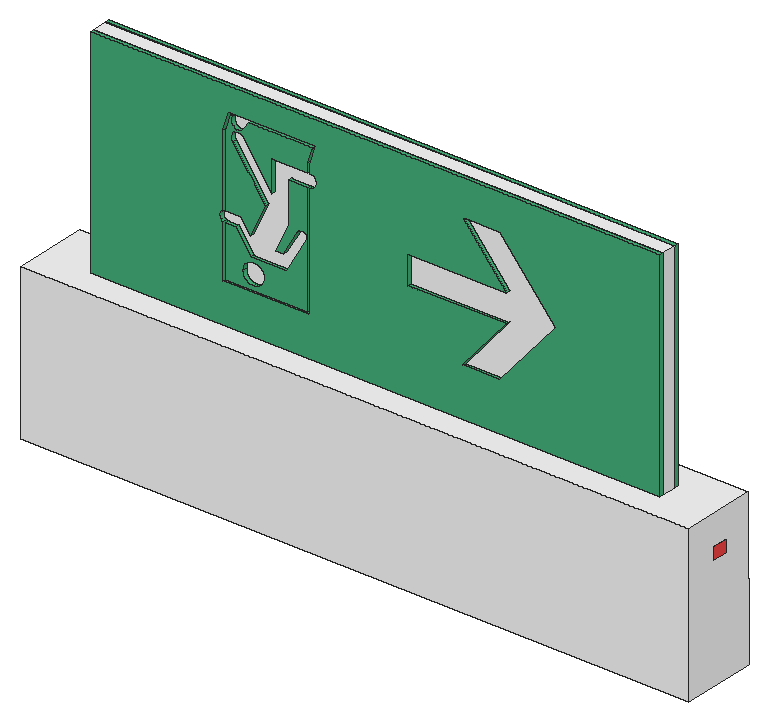
Revit family "BFX-DIR-DSD-ME-Ceiling", category Lighting Fixtures, host Face, Revit 2018
Family settings
  Host = Face
  Round Connector Dimension = Use Diameter
  Part Type = Normal
  OmniClass Number = 23.35.47.15
  OmniClass Title = Exit Illuminated Signs
  Cut with Voids When Loaded = No
  Light Source = No
  Shared = No
  Room Calculation Point = No
Parameters (values of type "540Lx125Wx60H (Left)")
  Up = no
  Top Material = PL_White_255-255-255
  Right = no
  Load Classification = Lighting
  Left = yes
  Indication lamp = PL_Red_255-000-000
  Height = 125 mm
  Down = no
  Double Side [instance] = yes
  Description = ""
  Depth = 60 mm
  Default Elevation = 1219.2 mm
  DSD.Com.Material = ""
  DSD.Com.Installed Date [instance] = ""
  DSD.Com.Commission Date [instance] = ""
  DSD.Com.CAT Code = ""
  DSD.Com.Asset Code [instance] = ""
  DSD.BFX.Wireless_Optical Zone Tag ID [instance] = ""
  DSD.BFX.Wireless_Optical Tag ID [instance] = ""
  DSD.BFX.Width = 0 mm
  DSD.BFX.Weight = ""
  DSD.BFX.Usage Unit = ""
  DSD.BFX.Unit Number [instance] = ""
  DSD.BFX.System Code [instance] = ""
  DSD.BFX.Supplier Name = ""
  DSD.BFX.Supplier Contact = ""
  DSD.BFX.Site ID = ""
  DSD.BFX.Serial Number [instance] = ""
  DSD.BFX.Remark [instance] = ""
  DSD.BFX.Priority = ""
  DSD.BFX.Place of Origin = ""
  DSD.BFX.Original Price Amount Currency = ""
  DSD.BFX.Original Price Amount [instance] = ""
  DSD.BFX.Model = ""
  DSD.BFX.Manufacturer Name = ""
  DSD.BFX.Manufacturer Contact = ""
  DSD.BFX.Manufactured Date [instance] = ""
  DSD.BFX.Maintenance Usage Threshold = ""
  DSD.BFX.Length = 0 mm
  DSD.BFX.Is Parent Entity = ""
  DSD.BFX.Height = 0 mm
  DSD.BFX.File Number [instance] = ""
  DSD.BFX.Expected Life Time = ""
  DSD.BFX.Equipment Type = ""
  DSD.BFX.Equipment Number [instance] = ""
  DSD.BFX.Equipment Name English = ""
  DSD.BFX.Equipment Name Chinese = ""
  DSD.BFX.Elevation Type = ""
  DSD.BFX.Elevation [instance] = ""
  DSD.BFX.District Code = ""
  DSD.BFX.DLP End Date [instance] = ""
  DSD.BFX.Criticality = ""
  DSD.BFX.Brand Name = ""
  DSD.BFX.Address = ""
  Apparent Load = 3.0 W
  2D Symbol_DI_Visible [instance] = yes
  2D Symbol_DI_Scale [instance] = DI_BFX_DIR : 1to50
  2D Symbol_DI_Offset Y [instance] = 50 mm
  2D Symbol_DI_Offset X [instance] = 0 mm
  2D Symbol_DI_Angle [instance] = 90.00°
  2D Symbol_Anno_Visible [instance] = yes
  2D Symbol_Anno_Offset Y [instance] = 0 mm
  2D Symbol_Anno_Offset X [instance] = 0 mm
  2D Symbol_Anno_Angle [instance] = 90.00°
  Length = 540 mm
  294 EXIT SIGN DIRECTION_2 = 294 EXIT SIGN DIRECTION_2 : 460x175x12mm
Reference planes
  plane 1 "Center (Front/Back)": y = 0
  plane 2: z = 0
  plane 3 "Center (Left/Right)": x = 0
  plane 4: y = 40
  plane 5: x = 5
  plane 6: y = 459.586
  plane 7: x = 1841.388
  plane 8: x = -270
  plane 9: x = 270
  plane 10: z = 125
  plane 11: y = 60
Forms (mm)
  Extrusion 1, solid, material "PL_White_255-255-255" <- "Top Material", detail levels fine
    sketch origin (0, 0, 0) x (1, 0, 0) y (0, 0, 1)
      loop
        line (-270, 125) -> (-270, 0) -> (270, 0) -> (270, 125) -> (-270, 125)
    from -60 to 0
  Extrusion 2, solid, material "PL_Red_255-000-000" <- "Indication lamp", detail levels fine
    sketch origin (-0.8, 0.8, -3) x (1, 0, 0) y (0, 1, 0)
      loop
        line (270.8, 35.2) -> (270.8, 23.2) -> (271.8, 23.2) -> (271.8, 35.2) -> (270.8, 35.2)
    from 104.7 to 95
Dimensions and locks
  "Length": plane 8 to plane 9
  "Depth": plane 11 to plane 1 "Center (Front/Back)"
  equal spacing: plane 8, plane 3 "Center (Left/Right)", plane 9
  locked: Extrusion 2 to plane 10 at 23.3
  locked: Extrusion 2 to plane 11 at 24
  "Height": plane 10 to plane 2
  nested 1 to plane 5 = 5 mm
  "2D Symbol_Anno_Angle": angle plane 1 "Center (Front/Back)" to nested 2
  "2D Symbol_DI_Angle": angle nested 3 to plane 2
  aligned and locked: plane 2 to host face
  aligned and locked: level to host face
  aligned and locked: level to Extrusion 1 sketch curve
  aligned and locked: Extrusion 1 sketch curve to plane 9
  aligned and locked: plane 11 to Extrusion 1
  aligned and locked: plane 1 "Center (Front/Back)" to Extrusion 1
  aligned and locked: plane 8 to Extrusion 1
  aligned and locked: nested 1 to plane 10
Automatic sketch dimensions
  host sketch curve to host sketch curve = 2438.4 mm  (x2)
  plane 8 to Extrusion 1 sketch curve = 0 mm
  Extrusion 2 sketch curve to plane 9 = 0 mm
  Extrusion 2 sketch curve to plane 4 = 16 mm
  Extrusion 2 sketch curve to plane 4 = 4 mm
  Extrusion 2 sketch curve to plane 9 = 1 mm
  Extrusion 1 sketch curve to plane 10 = 0 mm
Nested families
  nested 1: "294 EXIT SIGN DIRECTION_2" at (0, 24, 125), Double Side <- "Double Side", Left <- "Left", Down <- "Down", Right <- "Right", Up <- "Up", type <- "294 EXIT SIGN DIRECTION_2", type "460x175x12mm", detail levels fine
    with Up no, Right no, Left yes, Exit_460mm no, Exit _560mm no, Down no, Double Side_Up no, Double Side_Left yes, Double Side_Exit 560mm no, Double Side_Exit 460mm no, Double Side_Down no, Double Side _Right no, Double Side yes
  nested 2: "Anno_BFX_DIR" at (0, 0, 0), Offset  X <- "2D Symbol_Anno_Offset X", Offset Y <- "2D Symbol_Anno_Offset Y", visible <- "2D Symbol_Anno_Visible", type "BFX_DIR", detail levels coarse+medium
    with Offset Y 0 mm, Offset  X 0 mm, Annotation W 200 mm, Annotation H 200 mm
  nested 3: "DI_BFX_DIR" at (7.887, 0, 75.387) x (1, 0, 0) z (0, -1, 0), type <- "2D Symbol_DI_Scale", visible <- "2D Symbol_DI_Visible", Offset X <- "2D Symbol_DI_Offset X", Offset Y <- "2D Symbol_DI_Offset Y", type "1to50", detail levels coarse+medium
    with Offset Y 50 mm, Offset X 0 mm, Detail Item W 10000 mm, Detail Item H 10050 mm
Connectors
  electrical at (270, 30, 62.5)
    settings: on Extrusion 1, index 1, voltage 220 V, apparent load 0.0 W, apparent load phase1 0.0 W, apparent load phase2 0.0 W, apparent load phase3 0.0 W, power factor 1, load classification "Other", number of poles 1, system type 31, power factor state 1, is connector primary yes, connector utility no, sub classification motor no, connector description ""
Definition of nested family "294 EXIT SIGN DIRECTION_2"
  Parameters (values of type "560x180x12mm")
    White Board = none
    Up [instance] = no
    Right [instance] = no
    Panel Material = none
    Length = 560 mm
    Left [instance] = no
    Height = 180 mm
    Exit_460mm [instance] = no
    Exit _560mm [instance] = yes
    Down [instance] = no
    Double Side_Up [instance] = and(Double Side, Up)  # no
    Double Side_Left [instance] = and(Double Side, Left)  # no
    Double Side_Exit 560mm [instance] = and(Double Side, Exit _560mm)  # yes
    Double Side_Exit 460mm [instance] = and(Double Side, Exit_460mm)  # no
    Double Side_Down [instance] = and(Double Side, Down)  # no
    Double Side _Right [instance] = and(Double Side, Right)  # no
    Double Side [instance] = yes
    Depth = 12 mm
  Types (2, lengths in mm): name | Length | Height
    460x175x12mm | 460 | 175
    560x180x12mm | 560 | 180
  Reference planes
    plane 1 "Center (Front/Back)": y = 0
    plane 2: z = 0
    plane 3 "Center (Left/Right)": x = 0
    plane 4: x = -280
    plane 5: x = 280
    plane 6: z = 180
    plane 7: y = 12
    plane 8: z = 16.319
    plane 9: y = 15.2
    plane 10: z = 165
    plane 11: x = -220
    plane 12: z = 9.941
    plane 13: x = 220
    plane 14: x = -122.712
    plane 15: x = -52.734
    plane 16: x = 145.621
    plane 17: x = 25.979
    plane 18: y = 16.827
    plane 19: z = 148.012
    plane 20: z = 147.844
  Forms (mm)
    Extrusion 1, solid, material <- "White Board"
      sketch origin (0, 0, 0) x (1, 0, 0) y (0, 1, 0)
        loop
          line (-280, 12) -> (-280, 0) -> (280, 0) -> (280, 12) -> (-280, 12)
      from 0 to 180
    Extrusion 2, solid, material <- "Panel Material", visible <- "Right"
      sketch origin (-251.974, 0, 246.636) x (-1, 0, 0) y (0, 0, -1)
        loop
          line (-531.974, 66.636) -> (28.026, 66.636) -> (28.026, 246.636) -> (-531.974, 246.636) -> (-531.974, 66.636)
        loop
          line (-197.44, 212.848) -> (-197.44, 124.351)
          arc (-197.44, 124.351) -> (-204.28, 117.511) -> (-197.44, 110.671) r 6.84
          line (-197.44, 110.671) -> (-197.44, 105.39) -> (-201.336, 92.646) -> (-150.224, 92.646) -> (-145.886, 98.84)
          arc (-145.886, 98.84) -> (-138.366, 100.166) -> (-137.039, 92.646) r 5.4
          line (-137.039, 92.646) -> (-134.958, 92.646) -> (-131.062, 105.39) -> (-131.062, 163.068) -> (-143.751, 163.068) -> (-151.351, 173.922) -> (-163.224, 148.462) -> (-137.039, 111.067)
          arc (-137.039, 111.067) -> (-138.366, 103.547) -> (-145.886, 104.873) r 5.4
          line (-145.886, 104.873) -> (-168.6, 137.311) -> (-168.6, 112.111) -> (-197.44, 112.111)
          arc (-197.44, 112.111) -> (-202.84, 117.511) -> (-197.44, 122.911) r 5.4
          line (-197.44, 122.911) -> (-182.1, 122.911) -> (-182.1, 155.69) -> (-171.784, 177.813) -> (-178.202, 177.813) -> (-189.869, 157.606)
          arc (-189.869, 157.606) -> (-195.037, 156.221) -> (-196.422, 161.389) r 3.783
          line (-196.422, 161.389) -> (-180.222, 189.448) -> (-151.382, 189.448) -> (-138.992, 171.755) -> (-131.062, 171.755) -> (-131.062, 212.848) -> (-197.44, 212.848)
        loop
          circle (-154.051, 200.964) r 8.64
        loop
          arc (-199.24, 125.962) -> (-206.08, 117.511) -> (-199.24, 109.061) r 8.64
          line (-199.24, 109.061) -> (-199.24, 105.659) -> (-203.769, 90.846) -> (-135.699, 90.846) -> (-133.626, 90.846) -> (-129.262, 105.121) -> (-129.262, 163.459)
          arc (-129.262, 163.459) -> (-126.719, 167.411) -> (-129.262, 171.364) r 4.343
          line (-129.262, 171.364) -> (-129.262, 214.648) -> (-199.24, 214.648) -> (-199.24, 125.962)
        loop
          line (-397.247, 165.479) -> (-397.247, 142.498) -> (-317.247, 142.498) -> (-352.6, 100.365) -> (-322.6, 100.365) -> (-277.605, 153.988) -> (-322.6, 207.611) -> (-352.6, 207.611) -> (-317.247, 165.479) -> (-397.247, 165.479)
      from 0 to 3.2
    Extrusion 3, solid, material <- "Panel Material", visible <- "Left"
      sketch origin (251.974, 0, 246.636) x (1, 0, 0) y (0, 0, 1)
        loop
          line (28.026, -66.636) -> (-531.974, -66.636) -> (-531.974, -246.636) -> (28.026, -246.636) -> (28.026, -66.636)
        loop
          line (-306.509, -212.848) -> (-306.509, -122.911) -> (-321.849, -122.911) -> (-321.849, -155.69) -> (-332.165, -177.813) -> (-325.747, -177.813) -> (-314.08, -157.606)
          arc (-314.08, -157.606) -> (-308.912, -156.221) -> (-307.527, -161.389) r 3.783
          line (-307.527, -161.389) -> (-323.727, -189.448) -> (-352.567, -189.448) -> (-364.957, -171.755) -> (-372.887, -171.755) -> (-372.887, -212.848) -> (-306.509, -212.848)
        loop
          circle (-349.898, -200.964) r 8.64
        loop
          line (-306.509, -112.111) -> (-306.509, -105.39) -> (-302.612, -92.646) -> (-353.725, -92.646) -> (-358.063, -98.84)
          arc (-358.063, -98.84) -> (-365.583, -100.166) -> (-366.909, -92.646) r 5.4
          line (-366.909, -92.646) -> (-368.991, -92.646) -> (-372.887, -105.39) -> (-372.887, -163.068) -> (-360.198, -163.068) -> (-352.598, -173.922) -> (-340.725, -148.462) -> (-366.909, -111.067)
          arc (-366.909, -111.067) -> (-365.583, -103.547) -> (-358.063, -104.873) r 5.4
          line (-358.063, -104.873) -> (-335.349, -137.311) -> (-335.349, -112.111) -> (-306.509, -112.111)
        loop
          arc (-304.709, -122.911) -> (-299.309, -117.511) -> (-304.709, -112.111) r 5.4
          line (-304.709, -112.111) -> (-304.709, -105.659) -> (-300.18, -90.846) -> (-370.322, -90.846) -> (-374.687, -105.121) -> (-374.687, -163.459)
          arc (-374.687, -163.459) -> (-377.23, -167.411) -> (-374.687, -171.364) r 4.343
          line (-374.687, -171.364) -> (-374.687, -214.648) -> (-304.709, -214.648) -> (-304.709, -122.911)
        loop
          line (-106.353, -153.988) -> (-151.349, -100.365) -> (-181.349, -100.365) -> (-145.995, -142.498) -> (-225.995, -142.498) -> (-225.995, -165.479) -> (-145.995, -165.479) -> (-181.349, -207.611) -> (-151.349, -207.611) -> (-106.353, -153.988)
      from 0 to 3.2
    Extrusion 4, solid, visible <- "Up"
      sketch origin (251.974, 0, 246.636) x (1, 0, 0) y (0, 0, 1)
        loop
          line (28.026, -66.636) -> (-531.974, -66.636) -> (-531.974, -246.636) -> (28.026, -246.636) -> (28.026, -66.636)
        loop
          line (-306.509, -212.848) -> (-306.509, -124.351)
          arc (-306.509, -124.351) -> (-299.669, -117.511) -> (-306.509, -110.671) r 6.84
          line (-306.509, -110.671) -> (-306.509, -105.39) -> (-302.612, -92.646) -> (-353.725, -92.646) -> (-358.063, -98.84)
          arc (-358.063, -98.84) -> (-365.583, -100.166) -> (-366.909, -92.646) r 5.4
          line (-366.909, -92.646) -> (-368.991, -92.646) -> (-372.887, -105.39) -> (-372.887, -163.068) -> (-360.198, -163.068) -> (-352.598, -173.922) -> (-340.725, -148.462) -> (-366.909, -111.067)
          arc (-366.909, -111.067) -> (-365.583, -103.547) -> (-358.063, -104.873) r 5.4
          line (-358.063, -104.873) -> (-335.349, -137.311) -> (-335.349, -112.111) -> (-306.509, -112.111)
          arc (-306.509, -112.111) -> (-301.109, -117.511) -> (-306.509, -122.911) r 5.4
          line (-306.509, -122.911) -> (-321.849, -122.911) -> (-321.849, -155.69) -> (-332.165, -177.813) -> (-325.747, -177.813) -> (-314.08, -157.606)
          arc (-314.08, -157.606) -> (-308.912, -156.221) -> (-307.527, -161.389) r 3.783
          line (-307.527, -161.389) -> (-323.727, -189.448) -> (-352.567, -189.448) -> (-364.957, -171.755) -> (-372.887, -171.755) -> (-372.887, -212.848) -> (-306.509, -212.848)
        loop
          circle (-349.898, -200.964) r 8.64
        loop
          line (-304.709, -214.648) -> (-304.709, -125.962)
          arc (-304.709, -125.962) -> (-297.869, -117.511) -> (-304.709, -109.061) r 8.64
          line (-304.709, -109.061) -> (-304.709, -105.659) -> (-300.18, -90.846) -> (-368.095, -90.846) -> (-370.322, -90.846) -> (-374.687, -105.121) -> (-374.687, -163.459)
          arc (-374.687, -163.459) -> (-377.23, -167.411) -> (-374.687, -171.364) r 4.343
          line (-374.687, -171.364) -> (-374.687, -214.648) -> (-304.709, -214.648)
        loop
          line (-166.174, -213.809) -> (-112.551, -168.814) -> (-112.551, -138.814) -> (-154.684, -174.167) -> (-154.684, -94.167) -> (-177.665, -94.167) -> (-177.665, -174.167) -> (-219.798, -138.814) -> (-219.798, -168.814) -> (-166.174, -213.809)
      from 0 to 3.2
    Extrusion 5, solid, material <- "Panel Material", visible <- "Down"
      sketch origin (251.974, 0, 246.636) x (1, 0, 0) y (0, 0, 1)
        loop
          line (28.026, -66.636) -> (-531.974, -66.636) -> (-531.974, -246.636) -> (28.026, -246.636) -> (28.026, -66.636)
        loop
          line (-177.665, -213.809) -> (-154.684, -213.809) -> (-154.684, -133.809) -> (-112.551, -169.163) -> (-112.551, -139.163) -> (-166.174, -94.167) -> (-219.798, -139.163) -> (-219.798, -169.163) -> (-177.665, -133.809) -> (-177.665, -213.809)
        loop
          line (-306.509, -212.848) -> (-306.509, -124.351)
          arc (-306.509, -124.351) -> (-299.669, -117.511) -> (-306.509, -110.671) r 6.84
          line (-306.509, -110.671) -> (-306.509, -105.39) -> (-302.612, -92.646) -> (-353.725, -92.646) -> (-358.063, -98.84)
          arc (-358.063, -98.84) -> (-365.583, -100.166) -> (-366.909, -92.646) r 5.4
          line (-366.909, -92.646) -> (-368.991, -92.646) -> (-372.887, -105.39) -> (-372.887, -163.068) -> (-360.198, -163.068) -> (-352.598, -173.922) -> (-340.725, -148.462) -> (-366.909, -111.067)
          arc (-366.909, -111.067) -> (-365.583, -103.547) -> (-358.063, -104.873) r 5.4
          line (-358.063, -104.873) -> (-335.349, -137.311) -> (-335.349, -112.111) -> (-306.509, -112.111)
          arc (-306.509, -112.111) -> (-301.109, -117.511) -> (-306.509, -122.911) r 5.4
          line (-306.509, -122.911) -> (-321.849, -122.911) -> (-321.849, -155.69) -> (-332.165, -177.813) -> (-325.747, -177.813) -> (-314.08, -157.606)
          arc (-314.08, -157.606) -> (-308.912, -156.221) -> (-307.527, -161.389) r 3.783
          line (-307.527, -161.389) -> (-323.727, -189.448) -> (-352.567, -189.448) -> (-364.957, -171.755) -> (-372.887, -171.755) -> (-372.887, -212.848) -> (-306.509, -212.848)
        loop
          circle (-349.898, -200.964) r 8.64
        loop
          line (-304.709, -214.648) -> (-304.709, -125.962)
          arc (-304.709, -125.962) -> (-297.869, -117.511) -> (-304.709, -109.061) r 8.64
          line (-304.709, -109.061) -> (-304.709, -105.659) -> (-300.18, -90.846) -> (-366.851, -90.846) -> (-370.322, -90.846) -> (-374.687, -105.121) -> (-374.687, -163.459)
          arc (-374.687, -163.459) -> (-377.23, -167.411) -> (-374.687, -171.364) r 4.343
          line (-374.687, -171.364) -> (-374.687, -214.648) -> (-304.709, -214.648)
      from 0 to 3.2
    Extrusion 6, solid, material <- "Panel Material", visible <- "Right"
      sketch origin (-251.974, 12, 246.636) x (-1, 0, 0) y (0, 0, 1)
        loop
          line (-531.974, -66.636) -> (-531.974, -246.636) -> (28.026, -246.636) -> (28.026, -66.636) -> (-531.974, -66.636)
        loop
          line (-197.44, -212.848) -> (-131.062, -212.848) -> (-131.062, -171.755) -> (-138.992, -171.755) -> (-151.382, -189.448) -> (-180.222, -189.448) -> (-196.422, -161.389)
          arc (-196.422, -161.389) -> (-195.037, -156.221) -> (-189.869, -157.606) r 3.783
          line (-189.869, -157.606) -> (-178.202, -177.813) -> (-171.784, -177.813) -> (-182.1, -155.69) -> (-182.1, -122.911) -> (-197.44, -122.911)
          arc (-197.44, -122.911) -> (-202.84, -117.511) -> (-197.44, -112.111) r 5.4
          line (-197.44, -112.111) -> (-168.6, -112.111) -> (-168.6, -137.311) -> (-145.886, -104.873)
          arc (-145.886, -104.873) -> (-138.366, -103.547) -> (-137.039, -111.067) r 5.4
          line (-137.039, -111.067) -> (-163.224, -148.462) -> (-151.351, -173.922) -> (-143.751, -163.068) -> (-131.062, -163.068) -> (-131.062, -105.39) -> (-134.958, -92.646) -> (-137.039, -92.646)
          arc (-137.039, -92.646) -> (-138.366, -100.166) -> (-145.886, -98.84) r 5.4
          line (-145.886, -98.84) -> (-150.224, -92.646) -> (-201.336, -92.646) -> (-197.44, -105.39) -> (-197.44, -110.671)
          arc (-197.44, -110.671) -> (-204.28, -117.511) -> (-197.44, -124.351) r 6.84
          line (-197.44, -124.351) -> (-197.44, -212.848)
        loop
          circle (-154.051, -200.964) r 8.64
        loop
          line (-199.24, -125.962) -> (-199.24, -214.648) -> (-129.262, -214.648) -> (-129.262, -171.364)
          arc (-129.262, -171.364) -> (-126.719, -167.411) -> (-129.262, -163.459) r 4.343
          line (-129.262, -163.459) -> (-129.262, -105.121) -> (-133.626, -90.846) -> (-135.699, -90.846) -> (-203.769, -90.846) -> (-199.24, -105.659) -> (-199.24, -109.061)
          arc (-199.24, -109.061) -> (-206.08, -117.511) -> (-199.24, -125.962) r 8.64
        loop
          line (-397.247, -165.479) -> (-317.247, -165.479) -> (-352.6, -207.611) -> (-322.6, -207.611) -> (-277.605, -153.988) -> (-322.6, -100.365) -> (-352.6, -100.365) -> (-317.247, -142.498) -> (-397.247, -142.498) -> (-397.247, -165.479)
      from 0 to 3.2
    Extrusion 7, solid, material <- "Panel Material", visible <- "Left"
      sketch origin (251.974, 12, 246.636) x (1, 0, 0) y (0, 0, -1)
        loop
          line (28.026, 66.636) -> (28.026, 246.636) -> (-531.974, 246.636) -> (-531.974, 66.636) -> (28.026, 66.636)
        loop
          line (-306.509, 212.848) -> (-372.887, 212.848) -> (-372.887, 171.755) -> (-364.957, 171.755) -> (-352.567, 189.448) -> (-323.727, 189.448) -> (-307.527, 161.389)
          arc (-307.527, 161.389) -> (-308.912, 156.221) -> (-314.08, 157.606) r 3.783
          line (-314.08, 157.606) -> (-325.747, 177.813) -> (-332.165, 177.813) -> (-321.849, 155.69) -> (-321.849, 122.911) -> (-306.509, 122.911) -> (-306.509, 212.848)
        loop
          circle (-349.898, 200.964) r 8.64
        loop
          line (-306.509, 112.111) -> (-335.349, 112.111) -> (-335.349, 137.311) -> (-358.063, 104.873)
          arc (-358.063, 104.873) -> (-365.583, 103.547) -> (-366.909, 111.067) r 5.4
          line (-366.909, 111.067) -> (-340.725, 148.462) -> (-352.598, 173.922) -> (-360.198, 163.068) -> (-372.887, 163.068) -> (-372.887, 105.39) -> (-368.991, 92.646) -> (-366.909, 92.646)
          arc (-366.909, 92.646) -> (-365.583, 100.166) -> (-358.063, 98.84) r 5.4
          line (-358.063, 98.84) -> (-353.725, 92.646) -> (-302.612, 92.646) -> (-306.509, 105.39) -> (-306.509, 112.111)
        loop
          line (-304.709, 122.911) -> (-304.709, 214.648) -> (-374.687, 214.648) -> (-374.687, 171.364)
          arc (-374.687, 171.364) -> (-377.23, 167.411) -> (-374.687, 163.459) r 4.343
          line (-374.687, 163.459) -> (-374.687, 105.121) -> (-370.322, 90.846) -> (-300.18, 90.846) -> (-304.709, 105.659) -> (-304.709, 112.111)
          arc (-304.709, 112.111) -> (-299.309, 117.511) -> (-304.709, 122.911) r 5.4
        loop
          line (-106.353, 153.988) -> (-151.349, 207.611) -> (-181.349, 207.611) -> (-145.995, 165.479) -> (-225.995, 165.479) -> (-225.995, 142.498) -> (-145.995, 142.498) -> (-181.349, 100.365) -> (-151.349, 100.365) -> (-106.353, 153.988)
      from 0 to 3.2
    Extrusion 8, solid, visible <- "Up"
      sketch origin (251.974, 12, 246.636) x (1, 0, 0) y (0, 0, -1)
        loop
          line (28.026, 66.636) -> (28.026, 246.636) -> (-531.974, 246.636) -> (-531.974, 66.636) -> (28.026, 66.636)
        loop
          line (-306.509, 212.848) -> (-372.887, 212.848) -> (-372.887, 171.755) -> (-364.957, 171.755) -> (-352.567, 189.448) -> (-323.727, 189.448) -> (-307.527, 161.389)
          arc (-307.527, 161.389) -> (-308.912, 156.221) -> (-314.08, 157.606) r 3.783
          line (-314.08, 157.606) -> (-325.747, 177.813) -> (-332.165, 177.813) -> (-321.849, 155.69) -> (-321.849, 122.911) -> (-306.509, 122.911)
          arc (-306.509, 122.911) -> (-301.109, 117.511) -> (-306.509, 112.111) r 5.4
          line (-306.509, 112.111) -> (-335.349, 112.111) -> (-335.349, 137.311) -> (-358.063, 104.873)
          arc (-358.063, 104.873) -> (-365.583, 103.547) -> (-366.909, 111.067) r 5.4
          line (-366.909, 111.067) -> (-340.725, 148.462) -> (-352.598, 173.922) -> (-360.198, 163.068) -> (-372.887, 163.068) -> (-372.887, 105.39) -> (-368.991, 92.646) -> (-366.909, 92.646)
          arc (-366.909, 92.646) -> (-365.583, 100.166) -> (-358.063, 98.84) r 5.4
          line (-358.063, 98.84) -> (-353.725, 92.646) -> (-302.612, 92.646) -> (-306.509, 105.39) -> (-306.509, 110.671)
          arc (-306.509, 110.671) -> (-299.669, 117.511) -> (-306.509, 124.351) r 6.84
          line (-306.509, 124.351) -> (-306.509, 212.848)
        loop
          circle (-349.898, 200.964) r 8.64
        loop
          line (-304.709, 214.648) -> (-374.687, 214.648) -> (-374.687, 171.364)
          arc (-374.687, 171.364) -> (-377.23, 167.411) -> (-374.687, 163.459) r 4.343
          line (-374.687, 163.459) -> (-374.687, 105.121) -> (-370.322, 90.846) -> (-368.095, 90.846) -> (-300.18, 90.846) -> (-304.709, 105.659) -> (-304.709, 109.061)
          arc (-304.709, 109.061) -> (-297.869, 117.511) -> (-304.709, 125.962) r 8.64
          line (-304.709, 125.962) -> (-304.709, 214.648)
        loop
          line (-166.174, 213.809) -> (-219.798, 168.814) -> (-219.798, 138.814) -> (-177.665, 174.167) -> (-177.665, 94.167) -> (-154.684, 94.167) -> (-154.684, 174.167) -> (-112.551, 138.814) -> (-112.551, 168.814) -> (-166.174, 213.809)
      from 0 to 3.2
    Extrusion 9, solid, material <- "Panel Material", visible <- "Down"
      sketch origin (251.974, 12, 246.636) x (1, 0, 0) y (0, 0, -1)
        loop
          line (28.026, 66.636) -> (28.026, 246.636) -> (-531.974, 246.636) -> (-531.974, 66.636) -> (28.026, 66.636)
        loop
          line (-177.665, 213.809) -> (-177.665, 133.809) -> (-219.798, 169.163) -> (-219.798, 139.163) -> (-166.174, 94.167) -> (-112.551, 139.163) -> (-112.551, 169.163) -> (-154.684, 133.809) -> (-154.684, 213.809) -> (-177.665, 213.809)
        loop
          line (-306.509, 212.848) -> (-372.887, 212.848) -> (-372.887, 171.755) -> (-364.957, 171.755) -> (-352.567, 189.448) -> (-323.727, 189.448) -> (-307.527, 161.389)
          arc (-307.527, 161.389) -> (-308.912, 156.221) -> (-314.08, 157.606) r 3.783
          line (-314.08, 157.606) -> (-325.747, 177.813) -> (-332.165, 177.813) -> (-321.849, 155.69) -> (-321.849, 122.911) -> (-306.509, 122.911)
          arc (-306.509, 122.911) -> (-301.109, 117.511) -> (-306.509, 112.111) r 5.4
          line (-306.509, 112.111) -> (-335.349, 112.111) -> (-335.349, 137.311) -> (-358.063, 104.873)
          arc (-358.063, 104.873) -> (-365.583, 103.547) -> (-366.909, 111.067) r 5.4
          line (-366.909, 111.067) -> (-340.725, 148.462) -> (-352.598, 173.922) -> (-360.198, 163.068) -> (-372.887, 163.068) -> (-372.887, 105.39) -> (-368.991, 92.646) -> (-366.909, 92.646)
          arc (-366.909, 92.646) -> (-365.583, 100.166) -> (-358.063, 98.84) r 5.4
          line (-358.063, 98.84) -> (-353.725, 92.646) -> (-302.612, 92.646) -> (-306.509, 105.39) -> (-306.509, 110.671)
          arc (-306.509, 110.671) -> (-299.669, 117.511) -> (-306.509, 124.351) r 6.84
          line (-306.509, 124.351) -> (-306.509, 212.848)
        loop
          circle (-349.898, 200.964) r 8.64
        loop
          line (-304.709, 214.648) -> (-374.687, 214.648) -> (-374.687, 171.364)
          arc (-374.687, 171.364) -> (-377.23, 167.411) -> (-374.687, 163.459) r 4.343
          line (-374.687, 163.459) -> (-374.687, 105.121) -> (-370.322, 90.846) -> (-366.851, 90.846) -> (-300.18, 90.846) -> (-304.709, 105.659) -> (-304.709, 109.061)
          arc (-304.709, 109.061) -> (-297.869, 117.511) -> (-304.709, 125.962) r 8.64
          line (-304.709, 125.962) -> (-304.709, 214.648)
      from 0 to 3.2
  Dimensions and locks
    "Length": plane 4 to plane 5
    equal spacing: plane 4, plane 3 "Center (Left/Right)", plane 5
    "Height": plane 6 to plane 2
    "Depth": plane 7 to plane 1 "Center (Front/Back)"
    equal spacing: plane 5, plane 3 "Center (Left/Right)", plane 4
    equal spacing: Extrusion 1, plane 3 "Center (Left/Right)", Extrusion 1
    locked: plane 9 to plane 7 at 3.2
    locked: plane 18 to plane 7 at 4.827
    aligned and locked: level to plane 2
    aligned and locked: Extrusion 1 sketch curve to plane 4
    aligned and locked: Extrusion 1 sketch curve to plane 5
    aligned and locked: plane 6 to Extrusion 1
    aligned and locked: Extrusion 1 to plane 2
    aligned and locked: plane 7 to Extrusion 1
    aligned and locked: plane 1 "Center (Front/Back)" to Extrusion 1
    aligned and locked: plane 6 to Extrusion 4 sketch curve
    aligned and locked: plane 5 to Extrusion 4 sketch curve
    aligned and locked: Extrusion 4 sketch curve to plane 2
    aligned and locked: plane 4 to Extrusion 4 sketch curve
    aligned and locked: plane 6 to Extrusion 5 sketch curve
    aligned and locked: plane 4 to Extrusion 5 sketch curve
    aligned and locked: Extrusion 5 sketch curve to plane 2
    aligned and locked: plane 5 to Extrusion 5 sketch curve
    aligned and locked: plane 6 to Extrusion 3 sketch curve
    aligned and locked: plane 4 to Extrusion 3 sketch curve
    aligned and locked: Extrusion 3 sketch curve to plane 2
    aligned and locked: Extrusion 3 sketch curve to plane 5
    aligned and locked: plane 6 to Extrusion 2 sketch curve
    aligned and locked: plane 4 to Extrusion 2 sketch curve
    aligned and locked: Extrusion 2 sketch curve to plane 2
    aligned and locked: plane 5 to Extrusion 2 sketch curve
  Automatic sketch dimensions
    plane 1 "Center (Front/Back)" to Extrusion 1 sketch curve = 0 mm
    Extrusion 1 sketch curve to plane 7 = 0 mm
    Extrusion 2 sketch curve to Extrusion 2 sketch curve = 0 mm  (x8)
    plane 15 to Extrusion 2 sketch curve = 0 mm  (x2)
    plane 14 to Extrusion 2 sketch curve = 0 mm  (x2)
    plane 16 to Extrusion 2 sketch curve = 0.348 mm
    Extrusion 2 sketch curve to plane 20 = 1.573 mm
    plane 16 to Extrusion 2 sketch curve = 44.995 mm  (x2)
    Extrusion 2 sketch curve to Extrusion 2 sketch curve = 30 mm  (x2)
    Extrusion 2 sketch curve to plane 17 = 39.293 mm
    plane 17 to Extrusion 2 sketch curve = 0.348 mm
    Extrusion 2 sketch curve to plane 15 = 4.529 mm
    Extrusion 2 sketch curve to plane 15 = 2.096 mm
    plane 15 to Extrusion 2 sketch curve = 1.8 mm
    plane 15 to Extrusion 2 sketch curve = 2.818 mm
    Extrusion 2 sketch curve to Extrusion 2 sketch curve = 3.277 mm  (x2)
    Extrusion 2 sketch curve to Extrusion 2 sketch curve = 15.34 mm
    plane 15 to Extrusion 2 sketch curve = 19.018 mm
    Extrusion 2 sketch curve to Extrusion 2 sketch curve = 2.02 mm
    Extrusion 2 sketch curve to Extrusion 2 sketch curve = 6.418 mm
    Extrusion 2 sketch curve to Extrusion 2 sketch curve = 13.5 mm
    Extrusion 2 sketch curve to Extrusion 2 sketch curve = 5.376 mm
    Extrusion 2 sketch curve to plane 14 = 24.789 mm
    Extrusion 2 sketch curve to Extrusion 2 sketch curve = 2.669 mm
    Extrusion 2 sketch curve to Extrusion 2 sketch curve = 0.03 mm
    plane 19 to Extrusion 2 sketch curve = 5.978 mm
    Extrusion 2 sketch curve to plane 14 = 20.962 mm
    Extrusion 2 sketch curve to plane 20 = 6.081 mm
    Extrusion 2 sketch curve to Extrusion 2 sketch curve = 4.338 mm
    Extrusion 2 sketch curve to plane 20 = 0.048 mm
    Extrusion 2 sketch curve to Extrusion 2 sketch curve = 7.6 mm
    Extrusion 2 sketch curve to Extrusion 2 sketch curve = 4.423 mm  (x4)
    plane 19 to Extrusion 2 sketch curve = 2.881 mm
    Extrusion 2 sketch curve to plane 14 = 9.73 mm
    Extrusion 2 sketch curve to Extrusion 2 sketch curve = 1.341 mm
    Extrusion 2 sketch curve to Extrusion 2 sketch curve = 0.74 mm
    Extrusion 2 sketch curve to Extrusion 2 sketch curve = 2.072 mm
    Extrusion 2 sketch curve to plane 14 = 1.8 mm  (x3)
    Extrusion 2 sketch curve to Extrusion 2 sketch curve = 1.8 mm  (x2)
    Extrusion 2 sketch curve to plane 20 = 6.329 mm
    Extrusion 2 sketch curve to plane 20 = 6.598 mm
    Extrusion 2 sketch curve to Extrusion 2 sketch curve = 0.269 mm  (x2)
    Extrusion 2 sketch curve to Extrusion 2 sketch curve = 3.097 mm
    Extrusion 2 sketch curve to Extrusion 2 sketch curve = 3.402 mm
    Extrusion 2 sketch curve to Extrusion 2 sketch curve = 1.61 mm
    Extrusion 2 sketch curve to Extrusion 2 sketch curve = 1.44 mm
    Extrusion 2 sketch curve to Extrusion 2 sketch curve = 5.4 mm
    Extrusion 2 sketch curve to Extrusion 2 sketch curve = 14.4 mm
    Extrusion 2 sketch curve to plane 20 = 43.706 mm
    Extrusion 2 sketch curve to Extrusion 2 sketch curve = 11.151 mm
    Extrusion 2 sketch curve to Extrusion 2 sketch curve = 11.491 mm
    Extrusion 2 sketch curve to Extrusion 2 sketch curve = 7.228 mm
    Extrusion 2 sketch curve to Extrusion 2 sketch curve = 1.915 mm
    Extrusion 2 sketch curve to Extrusion 2 sketch curve = 1.892 mm
    Extrusion 2 sketch curve to Extrusion 2 sketch curve = 14.606 mm
    Extrusion 2 sketch curve to Extrusion 2 sketch curve = 0.391 mm  (x2)
    Extrusion 2 sketch curve to Extrusion 2 sketch curve = 22.981 mm
    Extrusion 2 sketch curve to Extrusion 2 sketch curve = 4.343 mm
    Extrusion 2 sketch curve to Extrusion 2 sketch curve = 2.168 mm
    Extrusion 2 sketch curve to Extrusion 2 sketch curve = 3.891 mm
    Extrusion 2 sketch curve to Extrusion 2 sketch curve = 15.526 mm
    Extrusion 2 sketch curve to Extrusion 2 sketch curve = 11.516 mm
    plane 8 to Extrusion 2 sketch curve = 22.706 mm
    plane 8 to Extrusion 2 sketch curve = 17.469 mm
    plane 14 to Extrusion 3 sketch curve = 0 mm  (x2)
    plane 15 to Extrusion 3 sketch curve = 0 mm
    plane 17 to Extrusion 3 sketch curve = 0 mm
    plane 16 to Extrusion 3 sketch curve = 0 mm
    Extrusion 3 sketch curve to plane 14 = 1.8 mm  (x3)
    Extrusion 3 sketch curve to plane 14 = 4.364 mm
    Extrusion 3 sketch curve to Extrusion 3 sketch curve = 1.332 mm
    Extrusion 3 sketch curve to Extrusion 3 sketch curve = 2.081 mm
    Extrusion 3 sketch curve to plane 14 = 7.777 mm
    Extrusion 3 sketch curve to Extrusion 3 sketch curve = 7.93 mm
    plane 19 to Extrusion 3 sketch curve = 2.881 mm
    Extrusion 3 sketch curve to Extrusion 3 sketch curve = 4.423 mm  (x4)
    Extrusion 3 sketch curve to Extrusion 3 sketch curve = 4.759 mm
    Extrusion 3 sketch curve to plane 20 = 6.081 mm
    Extrusion 3 sketch curve to plane 20 = 0.048 mm
    plane 19 to Extrusion 3 sketch curve = 5.978 mm
    Extrusion 3 sketch curve to Extrusion 3 sketch curve = 4.338 mm
    Extrusion 3 sketch curve to Extrusion 3 sketch curve = 12.359 mm
    Extrusion 3 sketch curve to Extrusion 3 sketch curve = 0.03 mm
    Extrusion 3 sketch curve to Extrusion 3 sketch curve = 2.669 mm
    Extrusion 3 sketch curve to Extrusion 3 sketch curve = 19.472 mm
    Extrusion 3 sketch curve to Extrusion 3 sketch curve = 5.376 mm
    Extrusion 3 sketch curve to Extrusion 3 sketch curve = 20.433 mm
    Extrusion 3 sketch curve to Extrusion 3 sketch curve = 6.418 mm
    Extrusion 3 sketch curve to Extrusion 3 sketch curve = 2.02 mm
    plane 15 to Extrusion 3 sketch curve = 17.14 mm
    Extrusion 3 sketch curve to Extrusion 3 sketch curve = 7.769 mm
    Extrusion 3 sketch curve to Extrusion 3 sketch curve = 3.277 mm
    plane 15 to Extrusion 3 sketch curve = 2.818 mm
    plane 15 to Extrusion 3 sketch curve = 1.8 mm  (x2)
    Extrusion 3 sketch curve to plane 15 = 2.096 mm
    Extrusion 3 sketch curve to Extrusion 3 sketch curve = 2.433 mm
    Extrusion 3 sketch curve to plane 20 = 1.573 mm
    Extrusion 3 sketch curve to plane 17 = 44.647 mm  (x2)
    Extrusion 3 sketch curve to Extrusion 3 sketch curve = 30 mm  (x2)
    plane 16 to Extrusion 3 sketch curve = 39.642 mm
    Extrusion 3 sketch curve to Extrusion 3 sketch curve = 0 mm  (x2)
    plane 8 to Extrusion 3 sketch curve = 15.669 mm
    Extrusion 3 sketch curve to Extrusion 3 sketch curve = 1.8 mm  (x2)
    plane 8 to Extrusion 3 sketch curve = 22.706 mm
    Extrusion 3 sketch curve to Extrusion 3 sketch curve = 11.884 mm
    Extrusion 3 sketch curve to Extrusion 3 sketch curve = 11.516 mm
    Extrusion 3 sketch curve to Extrusion 3 sketch curve = 11.635 mm
    Extrusion 3 sketch curve to Extrusion 3 sketch curve = 15.526 mm
    Extrusion 3 sketch curve to Extrusion 3 sketch curve = 2.168 mm
    Extrusion 3 sketch curve to Extrusion 3 sketch curve = 0.391 mm  (x2)
    Extrusion 3 sketch curve to Extrusion 3 sketch curve = 4.343 mm
    Extrusion 3 sketch curve to Extrusion 3 sketch curve = 42.132 mm
    Extrusion 3 sketch curve to Extrusion 3 sketch curve = 16.424 mm
    Extrusion 3 sketch curve to Extrusion 3 sketch curve = 1.892 mm
    Extrusion 3 sketch curve to Extrusion 3 sketch curve = 1.915 mm
    Extrusion 3 sketch curve to Extrusion 3 sketch curve = 11.491 mm
    Extrusion 3 sketch curve to Extrusion 3 sketch curve = 7.228 mm
    Extrusion 3 sketch curve to Extrusion 3 sketch curve = 22.981 mm
    Extrusion 3 sketch curve to Extrusion 3 sketch curve = 11.151 mm
    Extrusion 3 sketch curve to plane 20 = 24.119 mm
    Extrusion 3 sketch curve to Extrusion 3 sketch curve = 5.4 mm
    Extrusion 3 sketch curve to plane 20 = 13.319 mm
    Extrusion 3 sketch curve to Extrusion 3 sketch curve = 6.195 mm
    Extrusion 3 sketch curve to Extrusion 3 sketch curve = 6.452 mm
    Extrusion 3 sketch curve to plane 20 = 6.598 mm
    Extrusion 3 sketch curve to Extrusion 3 sketch curve = 0.269 mm  (x2)
    Extrusion 4 sketch curve to Extrusion 4 sketch curve = 0 mm  (x7)
    plane 14 to Extrusion 4 sketch curve = 0 mm  (x2)
    plane 15 to Extrusion 4 sketch curve = 0 mm  (x2)
    Extrusion 4 sketch curve to plane 14 = 1.8 mm  (x3)
    Extrusion 4 sketch curve to plane 14 = 4.364 mm
    Extrusion 4 sketch curve to Extrusion 4 sketch curve = 1.332 mm
    Extrusion 4 sketch curve to Extrusion 4 sketch curve = 0.896 mm
    Extrusion 4 sketch curve to plane 14 = 7.777 mm
    Extrusion 4 sketch curve to Extrusion 4 sketch curve = 2.081 mm
    Extrusion 4 sketch curve to Extrusion 4 sketch curve = 7.93 mm
    plane 19 to Extrusion 4 sketch curve = 2.881 mm
    Extrusion 4 sketch curve to Extrusion 4 sketch curve = 4.423 mm  (x4)
    Extrusion 4 sketch curve to Extrusion 4 sketch curve = 4.759 mm
    Extrusion 4 sketch curve to plane 20 = 0.048 mm
    Extrusion 4 sketch curve to plane 20 = 6.081 mm
    Extrusion 4 sketch curve to Extrusion 4 sketch curve = 4.338 mm
    Extrusion 4 sketch curve to Extrusion 4 sketch curve = 12.359 mm
    Extrusion 4 sketch curve to Extrusion 4 sketch curve = 0.03 mm
    Extrusion 4 sketch curve to Extrusion 4 sketch curve = 2.669 mm
    Extrusion 4 sketch curve to Extrusion 4 sketch curve = 19.472 mm
    Extrusion 4 sketch curve to plane 20 = 13.319 mm
    Extrusion 4 sketch curve to Extrusion 4 sketch curve = 22.714 mm
    Extrusion 4 sketch curve to Extrusion 4 sketch curve = 20.433 mm
    Extrusion 4 sketch curve to Extrusion 4 sketch curve = 6.418 mm
    Extrusion 4 sketch curve to Extrusion 4 sketch curve = 2.02 mm
    plane 15 to Extrusion 4 sketch curve = 17.14 mm
    Extrusion 4 sketch curve to Extrusion 4 sketch curve = 7.769 mm
    Extrusion 4 sketch curve to Extrusion 4 sketch curve = 3.277 mm
    plane 15 to Extrusion 4 sketch curve = 2.818 mm
    plane 15 to Extrusion 4 sketch curve = 1.8 mm
    Extrusion 4 sketch curve to plane 15 = 2.096 mm
    Extrusion 4 sketch curve to Extrusion 4 sketch curve = 2.433 mm
    Extrusion 4 sketch curve to plane 17 = 6.198 mm
    plane 19 to Extrusion 4 sketch curve = 4.457 mm
    Extrusion 4 sketch curve to plane 17 = 48.33 mm
    plane 8 to Extrusion 4 sketch curve = 16.508 mm
    Extrusion 4 sketch curve to Extrusion 4 sketch curve = 11.491 mm
    Extrusion 4 sketch curve to Extrusion 4 sketch curve = 22.981 mm
    plane 16 to Extrusion 4 sketch curve = 6.198 mm
    plane 8 to Extrusion 4 sketch curve = 15.669 mm
    Extrusion 4 sketch curve to Extrusion 4 sketch curve = 1.8 mm  (x2)
    Extrusion 4 sketch curve to Extrusion 4 sketch curve = 11.884 mm
    Extrusion 4 sketch curve to Extrusion 4 sketch curve = 11.516 mm
    Extrusion 4 sketch curve to Extrusion 4 sketch curve = 11.635 mm
    Extrusion 4 sketch curve to Extrusion 4 sketch curve = 39.642 mm
    Extrusion 4 sketch curve to Extrusion 4 sketch curve = 15.526 mm
    Extrusion 4 sketch curve to Extrusion 4 sketch curve = 2.168 mm
    Extrusion 4 sketch curve to Extrusion 4 sketch curve = 0.391 mm  (x2)
    Extrusion 4 sketch curve to Extrusion 4 sketch curve = 5.353 mm  (x2)
    Extrusion 4 sketch curve to Extrusion 4 sketch curve = 3.953 mm
    Extrusion 4 sketch curve to Extrusion 4 sketch curve = 16.424 mm
    Extrusion 4 sketch curve to Extrusion 4 sketch curve = 1.892 mm
    Extrusion 4 sketch curve to Extrusion 4 sketch curve = 1.915 mm
    Extrusion 4 sketch curve to Extrusion 4 sketch curve = 7.228 mm
    Extrusion 4 sketch curve to Extrusion 4 sketch curve = 30 mm  (x2)
    Extrusion 4 sketch curve to Extrusion 4 sketch curve = 11.151 mm
    Extrusion 4 sketch curve to Extrusion 4 sketch curve = 13.85 mm
    Extrusion 4 sketch curve to Extrusion 4 sketch curve = 1.61 mm
    Extrusion 4 sketch curve to Extrusion 4 sketch curve = 1.44 mm
    Extrusion 4 sketch curve to Extrusion 4 sketch curve = 6.195 mm
    Extrusion 4 sketch curve to Extrusion 4 sketch curve = 3.402 mm
    Extrusion 4 sketch curve to Extrusion 4 sketch curve = 0.269 mm  (x2)
    Extrusion 4 sketch curve to plane 20 = 6.598 mm
    plane 19 to Extrusion 4 sketch curve = 5.978 mm
    Extrusion 5 sketch curve to Extrusion 5 sketch curve = 0 mm  (x7)
    plane 14 to Extrusion 5 sketch curve = 0 mm  (x2)
    plane 15 to Extrusion 5 sketch curve = 0 mm  (x2)
    Extrusion 5 sketch curve to plane 14 = 1.8 mm  (x3)
    Extrusion 5 sketch curve to plane 14 = 4.364 mm
    Extrusion 5 sketch curve to Extrusion 5 sketch curve = 1.332 mm
    Extrusion 5 sketch curve to Extrusion 5 sketch curve = 2.081 mm
    Extrusion 5 sketch curve to plane 14 = 7.777 mm
    Extrusion 5 sketch curve to Extrusion 5 sketch curve = 0.058 mm
    Extrusion 5 sketch curve to Extrusion 5 sketch curve = 7.93 mm
    plane 19 to Extrusion 5 sketch curve = 2.881 mm
    Extrusion 5 sketch curve to Extrusion 5 sketch curve = 4.423 mm  (x4)
    Extrusion 5 sketch curve to Extrusion 5 sketch curve = 4.759 mm
    Extrusion 5 sketch curve to plane 20 = 6.081 mm
    Extrusion 5 sketch curve to plane 20 = 0.048 mm
    plane 19 to Extrusion 5 sketch curve = 5.978 mm
    Extrusion 5 sketch curve to Extrusion 5 sketch curve = 4.338 mm
    Extrusion 5 sketch curve to Extrusion 5 sketch curve = 12.359 mm
    Extrusion 5 sketch curve to Extrusion 5 sketch curve = 0.03 mm
    Extrusion 5 sketch curve to Extrusion 5 sketch curve = 2.669 mm
    Extrusion 5 sketch curve to Extrusion 5 sketch curve = 19.472 mm
    Extrusion 5 sketch curve to Extrusion 5 sketch curve = 5.376 mm
    Extrusion 5 sketch curve to Extrusion 5 sketch curve = 20.433 mm
    Extrusion 5 sketch curve to Extrusion 5 sketch curve = 6.418 mm
    Extrusion 5 sketch curve to Extrusion 5 sketch curve = 2.02 mm
    plane 15 to Extrusion 5 sketch curve = 17.14 mm
    Extrusion 5 sketch curve to Extrusion 5 sketch curve = 7.769 mm
    Extrusion 5 sketch curve to Extrusion 5 sketch curve = 3.277 mm
    plane 15 to Extrusion 5 sketch curve = 2.818 mm
    plane 15 to Extrusion 5 sketch curve = 1.8 mm
    Extrusion 5 sketch curve to plane 15 = 2.096 mm
    Extrusion 5 sketch curve to Extrusion 5 sketch curve = 2.433 mm
    Extrusion 5 sketch curve to plane 17 = 6.198 mm
    plane 8 to Extrusion 5 sketch curve = 16.508 mm
    Extrusion 5 sketch curve to plane 17 = 48.33 mm
    plane 19 to Extrusion 5 sketch curve = 4.457 mm
    Extrusion 5 sketch curve to Extrusion 5 sketch curve = 11.491 mm
    Extrusion 5 sketch curve to Extrusion 5 sketch curve = 22.981 mm
    plane 16 to Extrusion 5 sketch curve = 6.198 mm
    plane 8 to Extrusion 5 sketch curve = 15.669 mm
    Extrusion 5 sketch curve to Extrusion 5 sketch curve = 1.8 mm  (x2)
    Extrusion 5 sketch curve to Extrusion 5 sketch curve = 11.884 mm
    Extrusion 5 sketch curve to Extrusion 5 sketch curve = 11.516 mm
    Extrusion 5 sketch curve to Extrusion 5 sketch curve = 11.635 mm
    Extrusion 5 sketch curve to Extrusion 5 sketch curve = 15.526 mm
    Extrusion 5 sketch curve to Extrusion 5 sketch curve = 2.168 mm
    Extrusion 5 sketch curve to Extrusion 5 sketch curve = 0.391 mm  (x2)
    plane 8 to Extrusion 5 sketch curve = 61.155 mm  (x2)
    Extrusion 5 sketch curve to Extrusion 5 sketch curve = 3.953 mm
    Extrusion 5 sketch curve to Extrusion 5 sketch curve = 16.424 mm
    Extrusion 5 sketch curve to Extrusion 5 sketch curve = 1.892 mm
    Extrusion 5 sketch curve to Extrusion 5 sketch curve = 1.915 mm
    Extrusion 5 sketch curve to Extrusion 5 sketch curve = 7.228 mm
    Extrusion 5 sketch curve to Extrusion 5 sketch curve = 30 mm  (x2)
    Extrusion 5 sketch curve to Extrusion 5 sketch curve = 11.151 mm
    Extrusion 5 sketch curve to plane 20 = 35.017 mm
    Extrusion 5 sketch curve to plane 20 = 27.17 mm
    Extrusion 5 sketch curve to Extrusion 5 sketch curve = 1.61 mm
    Extrusion 5 sketch curve to Extrusion 5 sketch curve = 1.44 mm
    Extrusion 5 sketch curve to Extrusion 5 sketch curve = 5.4 mm
    Extrusion 5 sketch curve to Extrusion 5 sketch curve = 6.195 mm
    Extrusion 5 sketch curve to Extrusion 5 sketch curve = 3.402 mm
    Extrusion 5 sketch curve to Extrusion 5 sketch curve = 0.269 mm  (x2)
    Extrusion 5 sketch curve to plane 20 = 6.598 mm
    Extrusion 6 sketch curve to Extrusion 6 sketch curve = 0 mm  (x8)
    Extrusion 6 sketch curve to plane 5 = 0 mm
    plane 15 to Extrusion 6 sketch curve = 0 mm
    Extrusion 6 sketch curve to plane 15 = 0 mm
    Extrusion 6 sketch curve to plane 14 = 0 mm  (x2)
    Extrusion 6 sketch curve to level = 0 mm
    plane 4 to Extrusion 6 sketch curve = 0 mm
    Extrusion 6 sketch curve to plane 6 = 0 mm
    plane 16 to Extrusion 6 sketch curve = 0.348 mm
    Extrusion 6 sketch curve to plane 20 = 1.573 mm
    plane 16 to Extrusion 6 sketch curve = 44.995 mm  (x2)
    Extrusion 6 sketch curve to Extrusion 6 sketch curve = 30 mm  (x2)
    Extrusion 6 sketch curve to plane 17 = 39.293 mm
    plane 17 to Extrusion 6 sketch curve = 0.348 mm
    Extrusion 6 sketch curve to plane 15 = 4.529 mm
    Extrusion 6 sketch curve to plane 15 = 2.096 mm
    plane 15 to Extrusion 6 sketch curve = 1.8 mm
    plane 15 to Extrusion 6 sketch curve = 2.818 mm
    Extrusion 6 sketch curve to Extrusion 6 sketch curve = 3.277 mm  (x2)
    Extrusion 6 sketch curve to Extrusion 6 sketch curve = 15.34 mm
    plane 15 to Extrusion 6 sketch curve = 19.018 mm
    Extrusion 6 sketch curve to Extrusion 6 sketch curve = 2.02 mm
    Extrusion 6 sketch curve to Extrusion 6 sketch curve = 6.418 mm
    Extrusion 6 sketch curve to Extrusion 6 sketch curve = 13.5 mm
    Extrusion 6 sketch curve to Extrusion 6 sketch curve = 5.376 mm
    Extrusion 6 sketch curve to plane 14 = 24.789 mm
    Extrusion 6 sketch curve to Extrusion 6 sketch curve = 2.669 mm
    Extrusion 6 sketch curve to Extrusion 6 sketch curve = 0.03 mm
    plane 19 to Extrusion 6 sketch curve = 5.978 mm
    Extrusion 6 sketch curve to plane 14 = 20.962 mm
    Extrusion 6 sketch curve to plane 20 = 6.081 mm
    Extrusion 6 sketch curve to Extrusion 6 sketch curve = 4.338 mm
    Extrusion 6 sketch curve to plane 20 = 0.048 mm
    Extrusion 6 sketch curve to Extrusion 6 sketch curve = 7.6 mm
    Extrusion 6 sketch curve to Extrusion 6 sketch curve = 4.423 mm  (x4)
    plane 19 to Extrusion 6 sketch curve = 2.881 mm
    Extrusion 6 sketch curve to plane 14 = 9.73 mm
    Extrusion 6 sketch curve to Extrusion 6 sketch curve = 1.341 mm
    Extrusion 6 sketch curve to Extrusion 6 sketch curve = 0.74 mm
    Extrusion 6 sketch curve to Extrusion 6 sketch curve = 2.072 mm
    Extrusion 6 sketch curve to plane 14 = 1.8 mm  (x3)
    plane 8 to Extrusion 6 sketch curve = 15.669 mm
    Extrusion 6 sketch curve to Extrusion 6 sketch curve = 1.8 mm  (x2)
    plane 8 to Extrusion 6 sketch curve = 22.706 mm
    Extrusion 6 sketch curve to Extrusion 6 sketch curve = 11.884 mm
    Extrusion 6 sketch curve to Extrusion 6 sketch curve = 11.516 mm
    Extrusion 6 sketch curve to Extrusion 6 sketch curve = 11.635 mm
    Extrusion 6 sketch curve to Extrusion 6 sketch curve = 15.526 mm
    Extrusion 6 sketch curve to Extrusion 6 sketch curve = 2.168 mm
    Extrusion 6 sketch curve to Extrusion 6 sketch curve = 0.391 mm  (x2)
    Extrusion 6 sketch curve to Extrusion 6 sketch curve = 3.953 mm
    Extrusion 6 sketch curve to Extrusion 6 sketch curve = 42.132 mm
    Extrusion 6 sketch curve to Extrusion 6 sketch curve = 16.424 mm
    Extrusion 6 sketch curve to Extrusion 6 sketch curve = 1.892 mm
    Extrusion 6 sketch curve to Extrusion 6 sketch curve = 1.915 mm
    Extrusion 6 sketch curve to Extrusion 6 sketch curve = 11.491 mm
    Extrusion 6 sketch curve to Extrusion 6 sketch curve = 7.228 mm
    Extrusion 6 sketch curve to Extrusion 6 sketch curve = 22.981 mm
    Extrusion 6 sketch curve to Extrusion 6 sketch curve = 11.151 mm
    Extrusion 6 sketch curve to plane 20 = 27.17 mm
    Extrusion 6 sketch curve to Extrusion 6 sketch curve = 1.61 mm
    Extrusion 6 sketch curve to Extrusion 6 sketch curve = 1.44 mm
    Extrusion 6 sketch curve to Extrusion 6 sketch curve = 5.4 mm
    Extrusion 6 sketch curve to Extrusion 6 sketch curve = 6.195 mm
    Extrusion 6 sketch curve to Extrusion 6 sketch curve = 3.402 mm
    Extrusion 6 sketch curve to plane 20 = 6.598 mm
    Extrusion 6 sketch curve to Extrusion 6 sketch curve = 0.269 mm  (x2)
    plane 4 to Extrusion 7 sketch curve = 0 mm
    Extrusion 7 sketch curve to plane 14 = 0 mm  (x2)
    Extrusion 7 sketch curve to plane 15 = 0 mm
    plane 17 to Extrusion 7 sketch curve = 0 mm
    plane 16 to Extrusion 7 sketch curve = 0 mm
    Extrusion 7 sketch curve to plane 5 = 0 mm
    Extrusion 7 sketch curve to plane 6 = 0 mm
    Extrusion 7 sketch curve to level = 0 mm
    Extrusion 7 sketch curve to plane 14 = 1.8 mm  (x3)
    Extrusion 7 sketch curve to plane 14 = 4.364 mm
    Extrusion 7 sketch curve to Extrusion 7 sketch curve = 1.332 mm
    Extrusion 7 sketch curve to Extrusion 7 sketch curve = 2.081 mm
    Extrusion 7 sketch curve to plane 14 = 7.777 mm
    Extrusion 7 sketch curve to Extrusion 7 sketch curve = 7.93 mm
    plane 19 to Extrusion 7 sketch curve = 2.881 mm
    Extrusion 7 sketch curve to Extrusion 7 sketch curve = 4.423 mm  (x4)
    Extrusion 7 sketch curve to Extrusion 7 sketch curve = 4.759 mm
    Extrusion 7 sketch curve to plane 20 = 6.081 mm
    Extrusion 7 sketch curve to plane 20 = 0.048 mm
    plane 19 to Extrusion 7 sketch curve = 5.978 mm
    Extrusion 7 sketch curve to Extrusion 7 sketch curve = 4.338 mm
    Extrusion 7 sketch curve to Extrusion 7 sketch curve = 12.359 mm
    Extrusion 7 sketch curve to Extrusion 7 sketch curve = 0.03 mm
    Extrusion 7 sketch curve to Extrusion 7 sketch curve = 2.669 mm
    Extrusion 7 sketch curve to Extrusion 7 sketch curve = 19.472 mm
    Extrusion 7 sketch curve to Extrusion 7 sketch curve = 5.376 mm
    Extrusion 7 sketch curve to Extrusion 7 sketch curve = 20.433 mm
    Extrusion 7 sketch curve to Extrusion 7 sketch curve = 6.418 mm
    Extrusion 7 sketch curve to Extrusion 7 sketch curve = 2.02 mm
    plane 15 to Extrusion 7 sketch curve = 17.14 mm
    Extrusion 7 sketch curve to Extrusion 7 sketch curve = 7.769 mm
    Extrusion 7 sketch curve to Extrusion 7 sketch curve = 3.277 mm
    plane 15 to Extrusion 7 sketch curve = 2.818 mm
    plane 15 to Extrusion 7 sketch curve = 1.8 mm  (x2)
    Extrusion 7 sketch curve to plane 15 = 2.096 mm
    Extrusion 7 sketch curve to Extrusion 7 sketch curve = 2.433 mm
    Extrusion 7 sketch curve to plane 20 = 1.573 mm
    Extrusion 7 sketch curve to plane 17 = 44.647 mm  (x2)
    Extrusion 7 sketch curve to Extrusion 7 sketch curve = 30 mm  (x2)
    plane 16 to Extrusion 7 sketch curve = 39.642 mm
    Extrusion 7 sketch curve to Extrusion 7 sketch curve = 0 mm  (x3)
    Extrusion 7 sketch curve to Extrusion 7 sketch curve = 1.8 mm  (x2)
    Extrusion 7 sketch curve to plane 20 = 6.329 mm
    Extrusion 7 sketch curve to plane 20 = 6.598 mm
    Extrusion 7 sketch curve to Extrusion 7 sketch curve = 0.269 mm  (x2)
    Extrusion 7 sketch curve to Extrusion 7 sketch curve = 3.097 mm
    Extrusion 7 sketch curve to Extrusion 7 sketch curve = 6.452 mm
    Extrusion 7 sketch curve to Extrusion 7 sketch curve = 5.4 mm
    Extrusion 7 sketch curve to Extrusion 7 sketch curve = 14.4 mm
    Extrusion 7 sketch curve to Extrusion 7 sketch curve = 42.132 mm
    Extrusion 7 sketch curve to Extrusion 7 sketch curve = 11.151 mm
    Extrusion 7 sketch curve to Extrusion 7 sketch curve = 11.491 mm
    Extrusion 7 sketch curve to Extrusion 7 sketch curve = 7.228 mm
    Extrusion 7 sketch curve to Extrusion 7 sketch curve = 1.915 mm
    Extrusion 7 sketch curve to Extrusion 7 sketch curve = 1.892 mm
    Extrusion 7 sketch curve to Extrusion 7 sketch curve = 14.606 mm
    Extrusion 7 sketch curve to Extrusion 7 sketch curve = 0.391 mm  (x2)
    Extrusion 7 sketch curve to Extrusion 7 sketch curve = 22.981 mm
    Extrusion 7 sketch curve to Extrusion 7 sketch curve = 3.953 mm
    Extrusion 7 sketch curve to Extrusion 7 sketch curve = 2.168 mm
    Extrusion 7 sketch curve to Extrusion 7 sketch curve = 22.123 mm
    Extrusion 7 sketch curve to Extrusion 7 sketch curve = 15.526 mm
    Extrusion 7 sketch curve to Extrusion 7 sketch curve = 11.516 mm
    plane 8 to Extrusion 7 sketch curve = 22.706 mm
    plane 8 to Extrusion 7 sketch curve = 17.469 mm
    Extrusion 8 sketch curve to Extrusion 8 sketch curve = 0 mm  (x7)
    plane 4 to Extrusion 8 sketch curve = 0 mm
    Extrusion 8 sketch curve to plane 14 = 0 mm  (x2)
    Extrusion 8 sketch curve to plane 15 = 0 mm
    plane 15 to Extrusion 8 sketch curve = 0 mm
    Extrusion 8 sketch curve to level = 0 mm
    Extrusion 8 sketch curve to plane 5 = 0 mm
    Extrusion 8 sketch curve to plane 6 = 0 mm
    Extrusion 8 sketch curve to plane 14 = 1.8 mm  (x3)
    Extrusion 8 sketch curve to plane 14 = 4.364 mm
    Extrusion 8 sketch curve to Extrusion 8 sketch curve = 1.332 mm
    Extrusion 8 sketch curve to Extrusion 8 sketch curve = 0.896 mm
    Extrusion 8 sketch curve to plane 14 = 7.777 mm
    Extrusion 8 sketch curve to Extrusion 8 sketch curve = 2.081 mm
    Extrusion 8 sketch curve to Extrusion 8 sketch curve = 7.93 mm
    plane 19 to Extrusion 8 sketch curve = 2.881 mm
    Extrusion 8 sketch curve to Extrusion 8 sketch curve = 4.423 mm  (x4)
    Extrusion 8 sketch curve to Extrusion 8 sketch curve = 4.759 mm
    Extrusion 8 sketch curve to plane 20 = 0.048 mm
    Extrusion 8 sketch curve to plane 20 = 6.081 mm
    Extrusion 8 sketch curve to Extrusion 8 sketch curve = 4.338 mm
    Extrusion 8 sketch curve to Extrusion 8 sketch curve = 12.359 mm
    Extrusion 8 sketch curve to Extrusion 8 sketch curve = 0.03 mm
    Extrusion 8 sketch curve to Extrusion 8 sketch curve = 2.669 mm
    Extrusion 8 sketch curve to Extrusion 8 sketch curve = 19.472 mm
    Extrusion 8 sketch curve to plane 20 = 13.319 mm
    Extrusion 8 sketch curve to Extrusion 8 sketch curve = 22.714 mm
    Extrusion 8 sketch curve to Extrusion 8 sketch curve = 20.433 mm
    Extrusion 8 sketch curve to Extrusion 8 sketch curve = 6.418 mm
    Extrusion 8 sketch curve to Extrusion 8 sketch curve = 2.02 mm
    plane 15 to Extrusion 8 sketch curve = 17.14 mm
    Extrusion 8 sketch curve to Extrusion 8 sketch curve = 7.769 mm
    Extrusion 8 sketch curve to Extrusion 8 sketch curve = 3.277 mm
    plane 15 to Extrusion 8 sketch curve = 2.818 mm
    plane 15 to Extrusion 8 sketch curve = 1.8 mm
    Extrusion 8 sketch curve to plane 15 = 2.096 mm
    Extrusion 8 sketch curve to Extrusion 8 sketch curve = 2.433 mm
    Extrusion 8 sketch curve to plane 17 = 6.198 mm
    plane 19 to Extrusion 8 sketch curve = 4.457 mm
    Extrusion 8 sketch curve to plane 17 = 48.33 mm
    plane 8 to Extrusion 8 sketch curve = 16.508 mm
    Extrusion 8 sketch curve to Extrusion 8 sketch curve = 11.491 mm
    Extrusion 8 sketch curve to Extrusion 8 sketch curve = 22.981 mm
    plane 16 to Extrusion 8 sketch curve = 6.198 mm
    Extrusion 8 sketch curve to Extrusion 8 sketch curve = 1.8 mm  (x3)
    Extrusion 8 sketch curve to plane 20 = 6.329 mm
    Extrusion 8 sketch curve to Extrusion 8 sketch curve = 0.269 mm  (x2)
    Extrusion 8 sketch curve to plane 20 = 6.598 mm
    Extrusion 8 sketch curve to Extrusion 8 sketch curve = 3.097 mm
    Extrusion 8 sketch curve to Extrusion 8 sketch curve = 3.402 mm
    Extrusion 8 sketch curve to Extrusion 8 sketch curve = 1.44 mm
    Extrusion 8 sketch curve to Extrusion 8 sketch curve = 5.4 mm
    Extrusion 8 sketch curve to Extrusion 8 sketch curve = 14.4 mm
    Extrusion 8 sketch curve to plane 20 = 40.022 mm  (x2)
    Extrusion 8 sketch curve to Extrusion 8 sketch curve = 11.151 mm
    Extrusion 8 sketch curve to Extrusion 8 sketch curve = 7.228 mm
    Extrusion 8 sketch curve to Extrusion 8 sketch curve = 1.915 mm
    Extrusion 8 sketch curve to Extrusion 8 sketch curve = 1.892 mm
    Extrusion 8 sketch curve to Extrusion 8 sketch curve = 14.606 mm
    Extrusion 8 sketch curve to Extrusion 8 sketch curve = 0.391 mm  (x2)
    Extrusion 8 sketch curve to Extrusion 8 sketch curve = 3.953 mm
    Extrusion 8 sketch curve to Extrusion 8 sketch curve = 30 mm  (x2)
    Extrusion 8 sketch curve to Extrusion 8 sketch curve = 2.168 mm
    Extrusion 8 sketch curve to Extrusion 8 sketch curve = 39.642 mm
    Extrusion 8 sketch curve to Extrusion 8 sketch curve = 3.891 mm
    Extrusion 8 sketch curve to Extrusion 8 sketch curve = 11.635 mm
    Extrusion 8 sketch curve to Extrusion 8 sketch curve = 11.516 mm
    plane 8 to Extrusion 8 sketch curve = 17.469 mm
    Extrusion 9 sketch curve to Extrusion 9 sketch curve = 0 mm  (x7)
    plane 4 to Extrusion 9 sketch curve = 0 mm
    Extrusion 9 sketch curve to plane 14 = 0 mm  (x2)
    Extrusion 9 sketch curve to plane 15 = 0 mm
    plane 15 to Extrusion 9 sketch curve = 0 mm
    Extrusion 9 sketch curve to level = 0 mm
    Extrusion 9 sketch curve to plane 5 = 0 mm
    Extrusion 9 sketch curve to plane 6 = 0 mm
    Extrusion 9 sketch curve to plane 14 = 1.8 mm  (x3)
    Extrusion 9 sketch curve to plane 14 = 4.364 mm
